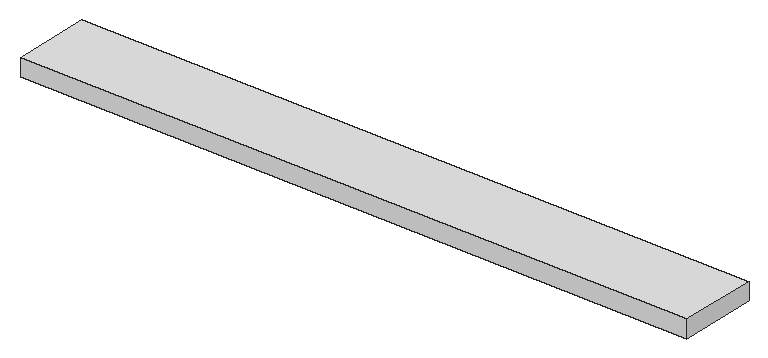
Revit family "11-TRIMBOARD-AND-STEALTH-TRIM-CADS-106-Trimboard-6-4x6-4-REVIT_Versatex-Generic-Model-6-4in-x-6in-TRIMBOARD", category Generic Models, host Face, Revit 2026
Family settings
  Host = Face
  Can host rebar = No
  Round Connector Dimension = Use Diameter
  Part Type = Normal
  Cut with Voids When Loaded = No
  Maintain Annotation Orientation = No
  Shared = No
  Room Calculation Point = No
Parameters
  Model = "TBSM/TR640618"
  Length = 4' - 0"
  Warranty = "https://versatex.com/warranty/"
  URL = "https://versatex.com/"
  Specification = "https://www.arcat.com/company/versatex-45716/spec?coid=45716"
  Sales Information = "https://versatex.com/dealer-locator/"
  Message Manufacturer = "https://versatex.com/contact/"
  Material = Versatex PVC - Smooth
  Manufacturer Website = "https://versatex.com/"
  Manufacturer Phone = "724-857-1111"
  Manufacturer Fax = "724-857-1171"
  Manufacturer Address = "400 Steel Street, Aliquippa, PA 15001"
  Manufacturer = "Versatex"
  Literature = "https://versatex.com/literature/?_sft_literature_category=cads"
  Description = "NOMINAL 6/4” x 6” TRIMBOARD"
  Default Elevation = 4' - 0"
  Copyright = "© 2024 VERSATEX Building Products, LLC"
Reference planes (in)
  plane 1 "Center (Front/Back)": y = 0
  plane 2: z = 0
  plane 3 "Center (Left/Right)": x = 0
  plane 4: x = 24
  plane 5: x = -24
Forms (in)
  Sweep 1, solid, material "Versatex PVC - Smooth" <- "Material"
    path origin (0, 0, 0) x (1, 0, 0) y (0, 1, 0)
      loop
        line (-24, 0) -> (24, 0)
    profile "Versatex_Profile_6-4” x 6” TRIMBOARD : Versatex_Profile_6-4” x 6” TRIMBOARD" origin (0, 0, 0) x (0, 1, 0) y (0, 0, 1)
      loop
        line (0, 0) -> (5.5, 0) -> (5.5, 1.25) -> (0, 1.25) -> (0, 0)
Dimensions and locks (in)
  "Length": plane 5 to plane 4
  equal spacing: plane 5, plane 3 "Center (Left/Right)", plane 4, locked at 24 each
  aligned and locked: plane 2 to host face
  aligned and locked: level to host face
Automatic sketch dimensions
  host sketch curve to host sketch curve = 8' - 0"  (x2)
  plane 1 "Center (Front/Back)" to Sweep 1 sketch curve = 0' - 0"
  Sweep 1 sketch curve to plane 5 = 0' - 0"
  Sweep 1 sketch curve to plane 4 = 0' - 0"
